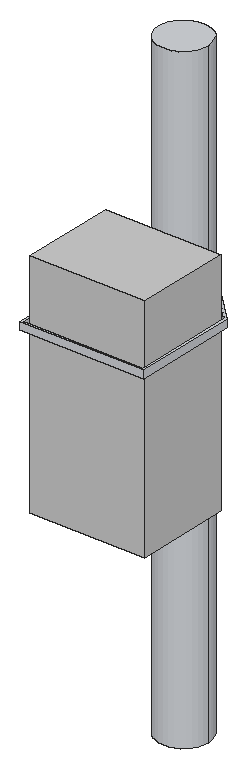
Revit family "HUNTER_ICD-400-Decoder", category Electrical Fixtures, Revit 2017
Family settings
  Maintain Annotation Orientation = No
  Round Connector Dimension = Use Diameter
  Part Type = Normal
  OmniClass Number = 23.35.41.13
  Work Plane-Based = Yes
  Always vertical = Yes
  Cut with Voids When Loaded = No
  Shared = Yes
  Room Calculation Point = No
Parameters (values of type "ICD-400")
  URL = "https://www.hunterindustries.com/en-metric/irrigation-product/controllers/acc-99d-decoder#node_product_full_group_models_tab_item"
  Type Comments = "ICD-400"
  Model = "4-station decoder with surge suppression and ground wire"
  Manufacturer = "Hunter® Industries"
  Keynote = "26 09 00"
  Input Voltage = 24 V  # constant formula
  ICD Width = 46 mm
  ICD Height = 92 mm
  ICD Depth = 38 mm
  Height = 250 mm
  Description = "4-station decoder with surge suppression"
  Default Elevation = 1219.2 mm
  Assembly Code = "D5030.50"
Reference planes
  plane 1 "Center (Front/Back)": y = 0
  plane 2: z = 0
  plane 3 "Center (Left/Right)": x = 0
  plane 4 "Tie": z = 159.5
Forms (mm)
  Extrusion 1, solid
    sketch origin (0, 0, 0) x (1, 0, 0) y (0, 1, 0)
      loop
        circle (0, 0) r 10
    from 0 to 250
  Sweep 2, solid
    path origin (0, 0, 159.5) x (0, -1, 0) y (1, 0, 0)
      loop
        line (50, -23.923) -> (50, 23.767) -> (9.672, 23.767) -> (-7.626, 6.469)
        arc (-7.626, 6.469) -> (-10, 0) -> (-7.626, -6.469) r 10
        line (-7.626, -6.469) -> (9.828, -23.923) -> (50, -23.923)
    profile origin (-0.078, -50, 159.5) x (0, 1, 0) y (0, 0, 1)
      loop
        line (-0.03, 1.486) -> (-0.838, 1.486) -> (-0.838, -1.486) -> (-0.03, -1.486) -> (-0.03, 1.486)
Lines and regions (mm)
  symbolic lines
    curve 1: circle (0, 0, 0) r 30 normal (0, 0, 1)
    curve 2: circle (0, 0, 0) r 28 normal (0, 0, 1)
    curve 3: circle (0, 0, 0) r 26 normal (0, 0, 1)
    curve 4: circle (0, 0, 0) r 24 normal (0, 0, 1)
    curve 5: circle (0, 0, 0) r 22 normal (0, 0, 1)
    curve 6: circle (0, 0, 0) r 20 normal (0, 0, 1)
    curve 7: circle (0, 0, 0) r 18 normal (0, 0, 1)
    curve 8: circle (0, 0, 0) r 16 normal (0, 0, 1)
    curve 9: circle (0, 0, 0) r 14 normal (0, 0, 1)
    curve 10: circle (0, 0, 0) r 12 normal (0, 0, 1)
    curve 11: circle (0, 0, 0) r 10 normal (0, 0, 1)
    curve 12: circle (0, 0, 0) r 32 normal (0, 0, -1)
    curve 13: circle (0, 0, 0) r 34 normal (0, 0, -1)
    curve 14: circle (0, 0, 0) r 36 normal (0, 0, -1)
    curve 15: circle (0, 0, 0) r 38 normal (0, 0, -1)
    curve 16: circle (0, 0, 0) r 40 normal (0, 0, -1)
    curve 17: circle (0, 0, 0) r 42 normal (0, 0, -1)
    curve 18: circle (0, 0, 0) r 44 normal (0, 0, -1)
    curve 19: circle (0, 0, 0) r 46 normal (0, 0, -1)
    curve 20: circle (0, 0, 0) r 48 normal (0, 0, -1)
    curve 21: circle (0, 0, 0) r 50 normal (0, 0, -1)
    curve 22: circle (0, 0, 0) r 52 normal (0, 0, -1)
    curve 23: circle (0, 0, 0) r 54 normal (0, 0, -1)
    curve 24: circle (0, 0, 0) r 56 normal (0, 0, -1)
Dimensions and locks
  "Height": Extrusion 1 to level
  "ICD Height": nested 1 to level
  aligned and locked: level to plane 2
Automatic sketch dimensions
  plane 1 "Center (Front/Back)" to Extrusion 1 sketch curve = 0 mm
  Extrusion 1 sketch curve to plane 3 "Center (Left/Right)" = 0 mm
  level to Sweep 2 sketch curve = 160.986 mm
  profile plane to Sweep 2 sketch curve = 0.838 mm
  profile plane to Sweep 2 sketch curve = 0.03 mm
  level to Sweep 2 sketch curve = 158.014 mm
  plane 1 "Center (Front/Back)" to curve 1 = 0 mm
  curve 1 to plane 3 "Center (Left/Right)" = 0 mm
  curve 1 to curve 2 = 0 mm  (x2)
  curve 1 to curve 3 = 0 mm  (x2)
  curve 1 to curve 4 = 0 mm  (x2)
  curve 1 to curve 5 = 0 mm  (x2)
  curve 1 to curve 6 = 0 mm  (x2)
  curve 1 to curve 7 = 0 mm  (x2)
  curve 1 to curve 8 = 0 mm  (x2)
  curve 1 to curve 9 = 0 mm  (x2)
  curve 1 to curve 10 = 0 mm  (x2)
  curve 1 to curve 11 = 0 mm  (x2)
  plane 1 "Center (Front/Back)" to Sweep 2 sketch curve = 0 mm
  Sweep 2 sketch curve to plane 3 "Center (Left/Right)" = 0 mm
  Sweep 2 sketch curve to plane 1 "Center (Front/Back)" = 7.626 mm  (x2)
  plane 1 "Center (Front/Back)" to Sweep 2 sketch curve = 9.828 mm
  Sweep 2 sketch curve to Sweep 2 sketch curve = 40.172 mm
  Sweep 2 sketch curve to plane 3 "Center (Left/Right)" = 6.469 mm
  Sweep 2 sketch curve to plane 3 "Center (Left/Right)" = 23.923 mm
  plane 3 "Center (Left/Right)" to Sweep 2 sketch curve = 23.767 mm
  plane 1 "Center (Front/Back)" to Sweep 2 sketch curve = 9.672 mm
  radius of Extrusion 1 sketch curve = 10 mm
  radius of curve 1 = 30 mm
  radius of curve 2 = 28 mm
  radius of curve 3 = 26 mm
  radius of curve 4 = 24 mm
  radius of curve 5 = 22 mm
  radius of curve 6 = 20 mm
  radius of curve 7 = 18 mm
  radius of curve 8 = 16 mm
  radius of curve 9 = 14 mm
  radius of curve 10 = 12 mm
  radius of curve 11 = 10 mm
Nested families
  nested 1: "ICD" at (0, -29, 92), type "ICD"
  nested 2: "M_Label Annotation" at (-10.602, 145.441, 0), type "M_Label Annotation 2"
Connectors
  electrical at (0, -29, 92), driven by "Input Voltage"
    settings: on nested 1, index 1, voltage 24 V, apparent load 0 VA, apparent load phase1 0 VA, apparent load phase2 0 VA, apparent load phase3 0 VA, power factor 1, load classification "Other", number of poles 1, system type 30, power factor state 1, is connector primary yes, connector utility no, sub classification motor no, connector description "Main Cable"
  electrical at (0, -29, 92), driven by "Input Voltage"
    settings: on nested 1, index 2, voltage 24 V, apparent load 0 VA, apparent load phase1 0 VA, apparent load phase2 0 VA, apparent load phase3 0 VA, power factor 1, load classification "Other", number of poles 1, system type 30, power factor state 1, is connector primary no, connector utility no, sub classification motor no, connector description "Station-1"
  electrical at (0, -29, 92), driven by "Input Voltage"
    settings: on nested 1, index 3, voltage 24 V, apparent load 0 VA, apparent load phase1 0 VA, apparent load phase2 0 VA, apparent load phase3 0 VA, power factor 1, load classification "Other", number of poles 1, system type 30, power factor state 1, is connector primary no, connector utility no, sub classification motor no, connector description "Station-2"
  electrical at (0, -29, 92), driven by "Input Voltage"
    settings: on nested 1, index 4, voltage 24 V, apparent load 0 VA, apparent load phase1 0 VA, apparent load phase2 0 VA, apparent load phase3 0 VA, power factor 1, load classification "Other", number of poles 1, system type 30, power factor state 1, is connector primary no, connector utility no, sub classification motor no, connector description "Station-3"
  electrical at (0, -29, 92), driven by "Input Voltage"
    settings: on nested 1, index 5, voltage 24 V, apparent load 0 VA, apparent load phase1 0 VA, apparent load phase2 0 VA, apparent load phase3 0 VA, power factor 1, load classification "Other", number of poles 1, system type 30, power factor state 1, is connector primary no, connector utility no, sub classification motor no, connector description "Station-4"
Definition of nested family "ICD"
  Parameters (values of type "ICD")
    Width = 46 mm
    Material = none
    Height = 92 mm
    Depth = 38 mm
  Reference planes
    plane 1 "Center (Front/Back)": y = 0
    plane 2: z = 0
    plane 3 "Center (Left/Right)": x = 0
  Forms (mm)
    Extrusion 1, solid, material <- "Material"
      sketch origin (0, 0, 0) x (1, 0, 0) y (0, 1, 0)
        loop
          line (-23, 19) -> (-23, -19) -> (23, -19) -> (23, 19) -> (-23, 19)
      from 0 to 92 <- "Height"
  Dimensions and locks
    equal spacing: Extrusion 1 sketch curve, plane 3 "Center (Left/Right)", Extrusion 1 sketch curve
    equal spacing: Extrusion 1 sketch curve, plane 1 "Center (Front/Back)", Extrusion 1 sketch curve
    "Depth": Extrusion 1 sketch curve to Extrusion 1 sketch curve
    "Width": Extrusion 1 sketch curve to Extrusion 1 sketch curve
    aligned and locked: level to plane 2
Definition of nested family "M_Label Annotation"
  Parameters (values of type "M_Label Annotation")
    Label = ""
  Reference planes
    plane 1: y = 0
    plane 2: x = 0
  Text (mm)
    label "Label" at (0.007, 0.129, 0), shows "Label"
